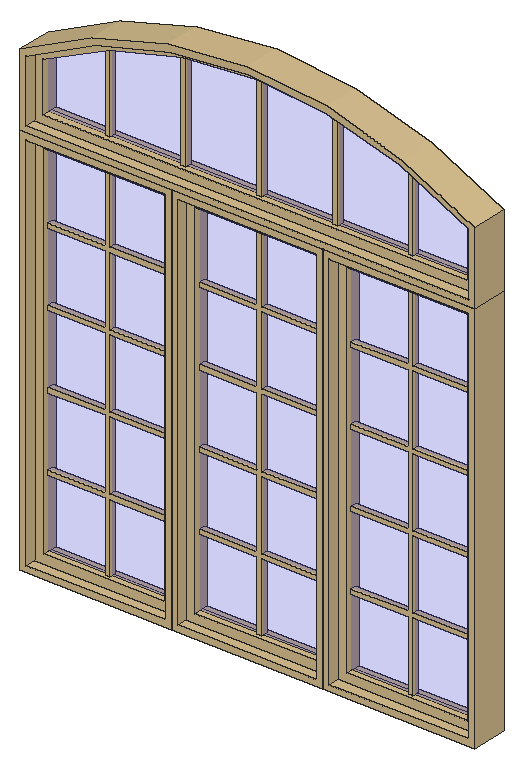
Revit family
Parameters (values of type "7' 3 1/2" x 6' 3"")
  Rough Width = Width + (1' 0" / 16)  # 6' - 3 3/4"
  Rough Height = Height + (1' 0" / 16)  # 7' - 4 1/4"
  Height = 7' - 3 1/2"
  Default Sill Height = 3' - 0"
  Wall Closure = (empty or 0)
  Width = 6' - 3"
Reference planes (in)
  plane 1 "Center (Front/Back)": y = 0
  plane 2: z = 0
  plane 3 "Center (Left/Right)": x = 0
  plane 4 "Left": x = -37.5
  plane 5 "Right": x = 37.5
  plane 6 "Sill": z = 36
  plane 7 "Top": z = 123.5
Forms (in)
  Extrusion 1, solid, material "Sill"
    sketch origin (0, 0, 12) x (1, 0, 0) y (0, 0, 1)
      loop
        arc (37.5, 100.96344) -> (0, 111.50004) -> (-37.5, 100.96344) r 72
        line (-37.5, 100.96344) -> (-37.5, 89) -> (37.5, 89) -> (37.5, 100.96344)
      loop
        arc (36.5, 100.39955) -> (0, 110.50004) -> (-36.5, 100.39955) r 71
        line (-36.5, 100.39955) -> (-36.5, 90) -> (36.5, 90) -> (36.5, 100.39955)
    from -3 to 3
  Extrusion 2, solid, material "Frame"
    sketch origin (0, 0, 12) x (1, 0, 0) y (0, 0, 1)
      loop
        line (-36.5, 100.39955) -> (-36.5, 90) -> (36.5, 90) -> (36.5, 100.39955)
        arc (36.5, 100.39955) -> (0, 110.50004) -> (-36.5, 100.39955) r 71
      loop
        arc (35.0625, 99.57967) -> (0, 109.06254) -> (-35.0625, 99.57967) r 69.5625
        line (-35.0625, 99.57967) -> (-35.0625, 91.4375) -> (35.0625, 91.4375) -> (35.0625, 99.57967)
    from -1.25 to 1.25
  Extrusion 3, solid, material "Grill"
    sketch origin (0, 0, 12) x (1, 0, 0) y (0, 0, 1)
      loop
        line (25.3815, 91.4375) -> (25.3815, 104.2667)
        arc (25.3815, 104.2667) -> (25.00043, 104.41475) -> (24.6185, 104.56056) r 69.5625
        line (24.6185, 104.56056) -> (24.6185, 91.4375) -> (25.3815, 91.4375)
      loop
        line (0.3815, 91.4375) -> (0.3815, 109.06149)
        arc (0.3815, 109.06149) -> (0, 109.06254) -> (-0.3815, 109.06149) r 69.5625
        line (-0.3815, 109.06149) -> (-0.3815, 91.4375) -> (0.3815, 91.4375)
      loop
        line (12.8815, 91.4375) -> (12.8815, 107.85944)
        arc (12.8815, 107.85944) -> (12.50019, 107.9302) -> (12.1185, 107.99882) r 69.5625
        line (12.1185, 107.99882) -> (12.1185, 91.4375) -> (12.8815, 91.4375)
      loop
        line (-12.1185, 91.4375) -> (-12.1185, 107.99882)
        arc (-12.1185, 107.99882) -> (-12.50019, 107.9302) -> (-12.8815, 107.85944) r 69.5625
        line (-12.8815, 107.85944) -> (-12.8815, 91.4375) -> (-12.1185, 91.4375)
      loop
        line (-24.6185, 91.4375) -> (-24.6185, 104.56056)
        arc (-24.6185, 104.56056) -> (-25.00043, 104.41475) -> (-25.3815, 104.2667) r 69.5625
        line (-25.3815, 104.2667) -> (-25.3815, 91.4375) -> (-24.6185, 91.4375)
    from -0.5 to 0.5
  Extrusion 4, solid, material "Glass"
    sketch origin (0, 0, 0) x (1, 0, 0) y (0, 0, 1)
      loop
        line (-35.0625, 111.57967) -> (-35.0625, 103.4375) -> (35.0625, 103.4375) -> (35.0625, 111.57967)
        arc (35.0625, 111.57967) -> (0, 121.06254) -> (-35.0625, 111.57967) r 69.5625
    from -0.25 to 0.25
  Extrusion 5, solid, material "Sill"
    sketch origin (0, 0, 0) x (1, 0, 0) y (0, 0, 1)
      loop
        line (12.5, 101) -> (12.5, 36) -> (37.5, 36) -> (37.5, 101) -> (12.5, 101)
      loop
        line (36.488, 37.012) -> (36.488, 99.988) -> (13.512, 99.988) -> (13.512, 37.012) -> (36.488, 37.012)
    from -3 to 3
  Extrusion 6, solid, material "Frame"
    sketch origin (0, 0, 0) x (1, 0, 0) y (0, 0, 1)
      loop
        line (13.512, 99.988) -> (13.512, 37.012) -> (36.488, 37.012) -> (36.488, 99.988) -> (13.512, 99.988)
      loop
        line (14.96, 98.54) -> (14.96, 38.46) -> (35.04, 38.46) -> (35.04, 98.54) -> (14.96, 98.54)
    from -1.25 to 1.25
  Extrusion 7, solid, material "Grill"
    sketch origin (0, 0, 0) x (1, 0, 0) y (0, 0, 1)
      loop
        line (25.3815, 98.54) -> (24.6185, 98.54) -> (24.6185, 87.1344) -> (14.96, 87.1344) -> (14.96, 86.3714) -> (24.6185, 86.3714) -> (24.6185, 74.9658) -> (14.96, 74.9658) -> (14.96, 74.2028) -> (24.6185, 74.2028) -> (24.6185, 62.7972) -> (14.96, 62.7972) -> (14.96, 62.0342) -> (24.6185, 62.0342) -> (24.6185, 50.6286) -> (14.96, 50.6286) -> (14.96, 49.8656) -> (24.6185, 49.8656) -> (24.6185, 38.46) -> (25.3815, 38.46) -> (25.3815, 49.8656) -> (35.04, 49.8656) -> (35.04, 50.6286) -> (25.3815, 50.6286) -> (25.3815, 62.0342) -> (35.04, 62.0342) -> (35.04, 62.7972) -> (25.3815, 62.7972) -> (25.3815, 74.2028) -> (35.04, 74.2028) -> (35.04, 74.9658) -> (25.3815, 74.9658) -> (25.3815, 86.3714) -> (35.04, 86.3714) -> (35.04, 87.1344) -> (25.3815, 87.1344) -> (25.3815, 98.54)
    from -0.5 to 0.5
  Extrusion 8, solid, material "Sill"
    sketch origin (-25, 0, 0) x (1, 0, 0) y (0, 0, 1)
      loop
        line (12.5, 101) -> (12.5, 36) -> (37.5, 36) -> (37.5, 101) -> (12.5, 101)
      loop
        line (36.488, 37.012) -> (36.488, 99.988) -> (13.512, 99.988) -> (13.512, 37.012) -> (36.488, 37.012)
    from -3 to 3
  Extrusion 9, solid, material "Frame"
    sketch origin (-25, 0, 0) x (1, 0, 0) y (0, 0, 1)
      loop
        line (13.512, 99.988) -> (13.512, 37.012) -> (36.488, 37.012) -> (36.488, 99.988) -> (13.512, 99.988)
      loop
        line (14.96, 98.54) -> (14.96, 38.46) -> (35.04, 38.46) -> (35.04, 98.54) -> (14.96, 98.54)
    from -1.25 to 1.25
  Extrusion 10, solid, material "Grill"
    sketch origin (-25, 0, 0) x (1, 0, 0) y (0, 0, 1)
      loop
        line (25.3815, 98.54) -> (24.6185, 98.54) -> (24.6185, 87.1344) -> (14.96, 87.1344) -> (14.96, 86.3714) -> (24.6185, 86.3714) -> (24.6185, 74.9658) -> (14.96, 74.9658) -> (14.96, 74.2028) -> (24.6185, 74.2028) -> (24.6185, 62.7972) -> (14.96, 62.7972) -> (14.96, 62.0342) -> (24.6185, 62.0342) -> (24.6185, 50.6286) -> (14.96, 50.6286) -> (14.96, 49.8656) -> (24.6185, 49.8656) -> (24.6185, 38.46) -> (25.3815, 38.46) -> (25.3815, 49.8656) -> (35.04, 49.8656) -> (35.04, 50.6286) -> (25.3815, 50.6286) -> (25.3815, 62.0342) -> (35.04, 62.0342) -> (35.04, 62.7972) -> (25.3815, 62.7972) -> (25.3815, 74.2028) -> (35.04, 74.2028) -> (35.04, 74.9658) -> (25.3815, 74.9658) -> (25.3815, 86.3714) -> (35.04, 86.3714) -> (35.04, 87.1344) -> (25.3815, 87.1344) -> (25.3815, 98.54)
    from -0.5 to 0.5
  Extrusion 11, solid, material "Sill"
    sketch origin (-50, 0, 0) x (1, 0, 0) y (0, 0, 1)
      loop
        line (12.5, 101) -> (12.5, 36) -> (37.5, 36) -> (37.5, 101) -> (12.5, 101)
      loop
        line (36.488, 37.012) -> (36.488, 99.988) -> (13.512, 99.988) -> (13.512, 37.012) -> (36.488, 37.012)
    from -3 to 3
  Extrusion 12, solid, material "Frame"
    sketch origin (-50, 0, 0) x (1, 0, 0) y (0, 0, 1)
      loop
        line (13.512, 99.988) -> (13.512, 37.012) -> (36.488, 37.012) -> (36.488, 99.988) -> (13.512, 99.988)
      loop
        line (14.96, 98.54) -> (14.96, 38.46) -> (35.04, 38.46) -> (35.04, 98.54) -> (14.96, 98.54)
    from -1.25 to 1.25
  Extrusion 13, solid, material "Grill"
    sketch origin (-50, 0, 0) x (1, 0, 0) y (0, 0, 1)
      loop
        line (25.3815, 98.54) -> (24.6185, 98.54) -> (24.6185, 87.1344) -> (14.96, 87.1344) -> (14.96, 86.3714) -> (24.6185, 86.3714) -> (24.6185, 74.9658) -> (14.96, 74.9658) -> (14.96, 74.2028) -> (24.6185, 74.2028) -> (24.6185, 62.7972) -> (14.96, 62.7972) -> (14.96, 62.0342) -> (24.6185, 62.0342) -> (24.6185, 50.6286) -> (14.96, 50.6286) -> (14.96, 49.8656) -> (24.6185, 49.8656) -> (24.6185, 38.46) -> (25.3815, 38.46) -> (25.3815, 49.8656) -> (35.04, 49.8656) -> (35.04, 50.6286) -> (25.3815, 50.6286) -> (25.3815, 62.0342) -> (35.04, 62.0342) -> (35.04, 62.7972) -> (25.3815, 62.7972) -> (25.3815, 74.2028) -> (35.04, 74.2028) -> (35.04, 74.9658) -> (25.3815, 74.9658) -> (25.3815, 86.3714) -> (35.04, 86.3714) -> (35.04, 87.1344) -> (25.3815, 87.1344) -> (25.3815, 98.54)
    from -0.5 to 0.5
  Extrusion 14, solid, material "Glass"
    sketch origin (0, 0, 0) x (1, 0, 0) y (0, 0, 1)
      loop
        line (14.96, 98.54) -> (14.96, 38.46) -> (35.04, 38.46) -> (35.04, 98.54) -> (14.96, 98.54)
      loop
        line (-10.04, 98.54) -> (-10.04, 38.46) -> (10.04, 38.46) -> (10.04, 98.54) -> (-10.04, 98.54)
      loop
        line (-35.04, 98.54) -> (-35.04, 38.46) -> (-14.96, 38.46) -> (-14.96, 98.54) -> (-35.04, 98.54)
    from -0.25 to 0.25
Lines and regions (in)
  Opening 1
    outline origin (-60, -3, 0) x (1, 0, 0) y (0, 0, 1)
      loop
        line (22.5, 112.96344) -> (22.5, 36) -> (97.5, 36) -> (97.5, 112.96344)
        arc (97.5, 112.96344) -> (60, 123.50004) -> (22.5, 112.96344) r 72
Text (in)
  text "EXTERIOR" at (-58.6888, 50.90694, 0), in view "Ref. Level"
  text "INTERIOR" at (-58.6888, -37.76638, 0), in view "Ref. Level"
  text "Exterior" at (0, 43.65631, 123.19604), in view "Left"
  text "Exterior" at (0, 18.29385, 125.04747), in view "Right"
